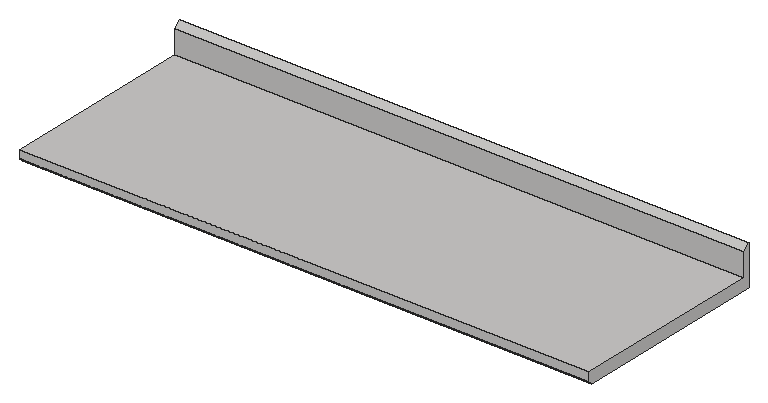
Revit family "QF_ELECTROLUXPROFESSIONAL_121158_TPLA20A", category Attrezzature speciali, Revit 2020
Family settings
  Quota connettore circolare = Usa diametro
  Tipo di parte = Normale
  Basato su piano di lavoro = No
  Sempre verticale = Sì
  Taglio con vuoti quando caricato = No
  Condiviso = No
  Punto di calcolo locali = No
Parameters (values of type "Standard")
  Weight = 65.00 kg
  Watts = 0 W
  Volts = 0 V
  URL Manufacturer = "https://www.electroluxprofessional.com/"
  URL = "https://www.electroluxprofessional.com/"
  Steam Supply Size = 0 mm
  Steam Supply Minimum Pressure = 0.0 Pa
  Steam Supply Maximum Pressure = 0.0 Pa
  Steam Consumption per Hour = 0
  Refrigeration Suction Line Size = 0.0 mm
  Refrigeration Liquid Line Size = 0.0 mm
  Refrigerant Compressor Remote = yes
  Prospetto di default = 0.0 mm
  Phase = 0
  Modello = "TPLA20A"
  Produttore = "Electrolux Professional"
  Length Actual = 2000.0 mm  # constant formula
  Item Number = "121158"
  Hot Water Size = 0 mm
  Height Actual = 140.0 mm  # constant formula
  HP = "0 HP"
  Gas Size = 0 mm
  Gas KW = 0
  Gas Input Pressure = 0 W
  Direct Waste Size = 0 mm
  Descrizione = "WORK TOP WITH UPSTAND 2000MM"
  Depth Actual = 700.0 mm  # constant formula
  Cycle = 0 Hz
  Condensate Return Size = 0 mm
  Compressed Air Volume = 0.0 L/s
  Compressed Air Size = 0 mm
  Compressed Air Pressure = 0.0 Pa
  Cold Water Size = 0 mm
  Accessory = yes
Reference planes
  plane 1 "Center (Front/Back)": y = 0
  plane 2: z = 0
  plane 3 "Center (Left/Right)": x = -500
  plane 4 "LEFT": x = -1500
  plane 5 "RIGHT": x = 500
  plane 6 "BACK": y = 350
  plane 7 "FRONT": y = -350
  plane 8 "TOP": z = 1000
  plane 9: z = 900
  plane 10: z = 860
Forms (mm)
  Extrusion 1, solid, material "QF_Finishes_Stainless Steel"
    sketch origin (-500, 0, 0) x (0, 1, 0) y (0, 0, 1)
      loop
        line (350, 1000) -> (330, 980) -> (330, 900) -> (-350, 900) -> (-350, 870) -> (-340, 860) -> (350, 860) -> (350, 1000)
    from 1000 to -1000
Lines and regions (mm)
  symbolic lines
    curve 1: line (500, 350, 1000) -> (-1500, 350, 1000)
    curve 2: line (-1500, 350, 1000) -> (-1500, -350, 1000)
    curve 3: line (-1500, -350, 1000) -> (500, -350, 1000)
    curve 4: line (500, -350, 1000) -> (500, 350, 1000)
    curve 5: line (-1500, 330, 1000) -> (500, 330, 1000)
Dimensions and locks
  plane 4 "LEFT" to plane 5 "RIGHT" = 2000.0 mm
  equal spacing: plane 4 "LEFT", plane 3 "Center (Left/Right)", plane 5 "RIGHT"
  plane 6 "BACK" to plane 7 "FRONT" = 700.0 mm
  equal spacing: plane 6 "BACK", plane 1 "Center (Front/Back)", plane 7 "FRONT"
  locked: plane 8 "TOP" to plane 9 at 100
  locked: plane 6 "BACK" to Extrusion 1 sketch curve at 20
  plane 10 to level = 860.0 mm
  plane 8 "TOP" to plane 10 = 140.0 mm
  aligned and locked: level to plane 2
  aligned and locked: Extrusion 1 to plane 4 "LEFT"
  aligned and locked: plane 5 "RIGHT" to Extrusion 1
  aligned and locked: curve 2 to plane 4 "LEFT"
  aligned and locked: Extrusion 1 sketch curve to plane 9
  aligned and locked: Extrusion 1 sketch curve to plane 6 "BACK"
  aligned and locked: plane 7 "FRONT" to Extrusion 1 sketch curve
  aligned and locked: plane 10 to Extrusion 1 sketch curve
Automatic sketch dimensions
  curve 3 to plane 7 "FRONT" = 0.0 mm
  curve 4 to plane 5 "RIGHT" = 0.0 mm
  curve 4 to plane 6 "BACK" = 0.0 mm
  curve 5 to plane 6 "BACK" = 20.0 mm
  Extrusion 1 sketch curve to plane 8 "TOP" = 0.0 mm
  Extrusion 1 sketch curve to plane 8 "TOP" = 20.0 mm
  plane 7 "FRONT" to Extrusion 1 sketch curve = 10.0 mm
  level to Extrusion 1 sketch curve = 870.0 mm
